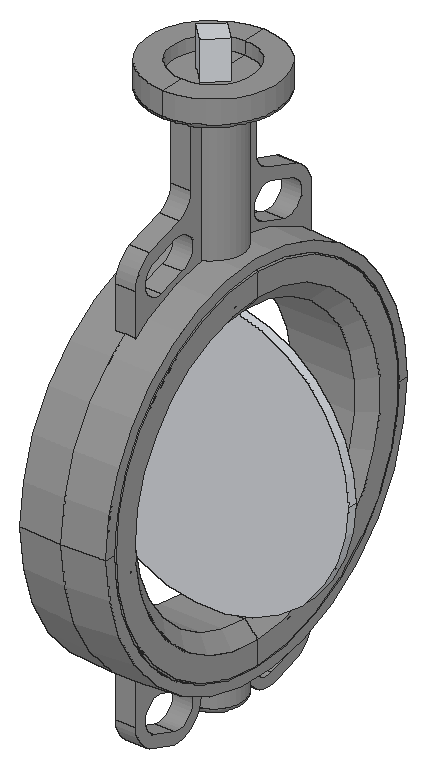
Revit family "HERZ Isolating Butterfly Valves ZF-4219", category Rohrzubehör, Revit 2021 (continued)
Automatic sketch dimensions
  Extrusion 8 sketch curve to Extrusion 8 sketch curve = 9.76 mm  (x2)
  Extrusion 8 sketch curve to Extrusion 8 sketch curve = 46.144 mm
  Extrusion 8 sketch curve to Extrusion 8 sketch curve = 0.006 mm
  Extrusion 8 sketch curve to Extrusion 8 sketch curve = 0.159 mm  (x2)
  Extrusion 8 sketch curve to Extrusion 8 sketch curve = 0.225 mm  (x2)
  Extrusion 8 sketch curve to Extrusion 8 sketch curve = 3.156 mm
  Extrusion 7 sketch curve to Extrusion 7 sketch curve = 0 mm  (x29)
  Extrusion 7 sketch curve to level = 0 mm
  Extrusion 7 sketch curve to plane 1 "Mitte (Vorne/hinten)" = 0 mm
  Extrusion 7 sketch curve to Extrusion 7 sketch curve = 4.987 mm  (x2)
  plane 1 "Mitte (Vorne/hinten)" to Extrusion 7 sketch curve = 42.642 mm
  Extrusion 7 sketch curve to Extrusion 7 sketch curve = 3.28 mm  (x2)
  Extrusion 7 sketch curve to Extrusion 7 sketch curve = 14.935 mm  (x2)
  Extrusion 7 sketch curve to Extrusion 7 sketch curve = 11.589 mm  (x2)
  Extrusion 7 sketch curve to Extrusion 7 sketch curve = 14.868 mm  (x2)
  Extrusion 7 sketch curve to Extrusion 7 sketch curve = 33.628 mm  (x4)
  Extrusion 7 sketch curve to Extrusion 7 sketch curve = 3.946 mm  (x4)
  Extrusion 7 sketch curve to Extrusion 7 sketch curve = 12.021 mm  (x8)
  Extrusion 7 sketch curve to Extrusion 7 sketch curve = 8.075 mm  (x8)
  plane 1 "Mitte (Vorne/hinten)" to Extrusion 7 sketch curve = 21.03 mm
  Extrusion 7 sketch curve to Extrusion 7 sketch curve = 5.5 mm
  Extrusion 7 sketch curve to Extrusion 7 sketch curve = 0.54 mm  (x2)
  Extrusion 7 sketch curve to Extrusion 7 sketch curve = 0.103 mm
  Extrusion 7 sketch curve to Extrusion 7 sketch curve = 1.99 mm  (x2)
  plane 1 "Mitte (Vorne/hinten)" to Extrusion 7 sketch curve = 18.5 mm
  Extrusion 7 sketch curve to plane 1 "Mitte (Vorne/hinten)" = 18.5 mm  (x2)
  Extrusion 7 sketch curve to Extrusion 7 sketch curve = 1.897 mm
  Extrusion 7 sketch curve to Extrusion 7 sketch curve = 2 mm
  Extrusion 7 sketch curve to Extrusion 7 sketch curve = 21.612 mm
  Extrusion 7 sketch curve to level = 59.454 mm  (x2)
  Extrusion 7 sketch curve to Extrusion 7 sketch curve = 10.049 mm  (x4)
  Extrusion 7 sketch curve to Extrusion 7 sketch curve = 20.666 mm  (x2)
  Extrusion 7 sketch curve to Extrusion 7 sketch curve = 1.725 mm  (x2)
  Extrusion 7 sketch curve to Extrusion 7 sketch curve = 12.438 mm  (x4)
  level to Extrusion 7 sketch curve = 59.454 mm  (x2)
  Extrusion 7 sketch curve to Extrusion 7 sketch curve = 15.768 mm  (x2)
  Extrusion 7 sketch curve to Extrusion 7 sketch curve = 0.361 mm  (x2)
  Extrusion 7 sketch curve to Extrusion 7 sketch curve = 69.242 mm
  Extrusion 7 sketch curve to Extrusion 7 sketch curve = 0.014 mm
  Extrusion 7 sketch curve to Extrusion 7 sketch curve = 0.29 mm  (x2)
  Extrusion 6 sketch curve to Extrusion 6 sketch curve = 0 mm  (x31)
  Extrusion 6 sketch curve to level = 0 mm
  Extrusion 6 sketch curve to plane 1 "Mitte (Vorne/hinten)" = 0 mm
  plane 1 "Mitte (Vorne/hinten)" to Extrusion 6 sketch curve = 18.5 mm  (x2)
  Extrusion 6 sketch curve to Extrusion 6 sketch curve = 1.897 mm  (x2)
  Extrusion 6 sketch curve to Extrusion 6 sketch curve = 2 mm
  Extrusion 6 sketch curve to Extrusion 6 sketch curve = 4.154 mm  (x2)
  Extrusion 6 sketch curve to Extrusion 6 sketch curve = 5.603 mm
  Extrusion 6 sketch curve to Extrusion 6 sketch curve = 12 mm  (x2)
  Extrusion 6 sketch curve to Extrusion 6 sketch curve = 21.682 mm  (x2)
  Extrusion 6 sketch curve to Extrusion 6 sketch curve = 2.182 mm  (x2)
  Extrusion 6 sketch curve to Extrusion 6 sketch curve = 11.109 mm  (x4)
  Extrusion 6 sketch curve to Extrusion 6 sketch curve = 30.529 mm  (x4)
  Extrusion 6 sketch curve to Extrusion 6 sketch curve = 4.781 mm  (x4)
  Extrusion 6 sketch curve to Extrusion 6 sketch curve = 1.414 mm  (x8)
  Extrusion 6 sketch curve to Extrusion 6 sketch curve = 7.24 mm  (x8)
  Extrusion 6 sketch curve to Extrusion 6 sketch curve = 12.021 mm  (x8)
  Extrusion 6 sketch curve to plane 1 "Mitte (Vorne/hinten)" = 18.5 mm
  Extrusion 6 sketch curve to Extrusion 6 sketch curve = 7.5 mm
  Extrusion 6 sketch curve to Extrusion 6 sketch curve = 0.103 mm
  Extrusion 6 sketch curve to level = 50.036 mm  (x2)
  Extrusion 6 sketch curve to Extrusion 6 sketch curve = 17.112 mm  (x2)
  Extrusion 6 sketch curve to Extrusion 6 sketch curve = 9.185 mm  (x4)
  Extrusion 6 sketch curve to Extrusion 6 sketch curve = 20.608 mm  (x2)
  Extrusion 6 sketch curve to Extrusion 6 sketch curve = 12.868 mm  (x3)
  Extrusion 6 sketch curve to Extrusion 6 sketch curve = 9.096 mm  (x2)
  level to Extrusion 6 sketch curve = 50.036 mm  (x2)
  Extrusion 6 sketch curve to Extrusion 6 sketch curve = 17 mm
  Extrusion 6 sketch curve to Extrusion 6 sketch curve = 56.845 mm
  Extrusion 6 sketch curve to Extrusion 6 sketch curve = 0.017 mm
  Extrusion 6 sketch curve to Extrusion 6 sketch curve = 0.29 mm  (x2)
  Extrusion 5 sketch curve to Extrusion 5 sketch curve = 0 mm  (x25)
  Extrusion 5 sketch curve to level = 0 mm
  Extrusion 5 sketch curve to plane 1 "Mitte (Vorne/hinten)" = 0 mm
  plane 1 "Mitte (Vorne/hinten)" to Extrusion 5 sketch curve = 18.5 mm  (x2)
  Extrusion 5 sketch curve to Extrusion 5 sketch curve = 0.579 mm  (x2)
  Extrusion 5 sketch curve to Extrusion 5 sketch curve = 1.897 mm  (x2)
  Extrusion 5 sketch curve to Extrusion 5 sketch curve = 0.103 mm
  Extrusion 5 sketch curve to Extrusion 5 sketch curve = 5.603 mm
  Extrusion 5 sketch curve to Extrusion 5 sketch curve = 15.942 mm  (x4)
  Extrusion 5 sketch curve to Extrusion 5 sketch curve = 13 mm  (x2)
  Extrusion 5 sketch curve to Extrusion 5 sketch curve = 11.367 mm  (x4)
  Extrusion 5 sketch curve to Extrusion 5 sketch curve = 25.663 mm  (x4)
  Extrusion 5 sketch curve to Extrusion 5 sketch curve = 4.027 mm  (x4)
  Extrusion 5 sketch curve to Extrusion 5 sketch curve = 12.021 mm  (x5)
  Extrusion 5 sketch curve to Extrusion 5 sketch curve = 9.55 mm  (x4)
  Extrusion 5 sketch curve to Extrusion 5 sketch curve = 7.5 mm
  Extrusion 5 sketch curve to plane 1 "Mitte (Vorne/hinten)" = 18.5 mm  (x2)
  Extrusion 5 sketch curve to Extrusion 5 sketch curve = 2 mm
  Extrusion 5 sketch curve to level = 38.887 mm  (x2)
  Extrusion 5 sketch curve to Extrusion 5 sketch curve = 10.986 mm  (x3)
  Extrusion 5 sketch curve to Extrusion 5 sketch curve = 10.231 mm  (x3)
  Extrusion 5 sketch curve to Extrusion 5 sketch curve = 10.467 mm  (x4)
  Extrusion 5 sketch curve to Extrusion 5 sketch curve = 12.18 mm  (x2)
  Extrusion 5 sketch curve to Extrusion 5 sketch curve = 12.641 mm  (x4)
  Extrusion 5 sketch curve to Extrusion 5 sketch curve = 9.983 mm  (x2)
  level to Extrusion 5 sketch curve = 38.887 mm  (x2)
  Extrusion 5 sketch curve to Extrusion 5 sketch curve = 21.217 mm
  Extrusion 5 sketch curve to Extrusion 5 sketch curve = 16.969 mm  (x2)
  Extrusion 5 sketch curve to Extrusion 5 sketch curve = 51.117 mm
  Extrusion 5 sketch curve to Extrusion 5 sketch curve = 0.01 mm
  Extrusion 5 sketch curve to Extrusion 5 sketch curve = 0.29 mm  (x2)
  level to Extrusion 5 sketch curve = 49.873 mm
  Extrusion 4 sketch curve to Extrusion 4 sketch curve = 0 mm  (x28)
  Extrusion 4 sketch curve to level = 0 mm
  Extrusion 4 sketch curve to plane 1 "Mitte (Vorne/hinten)" = 0 mm
  plane 1 "Mitte (Vorne/hinten)" to Extrusion 4 sketch curve = 18.5 mm  (x2)
  Extrusion 4 sketch curve to Extrusion 4 sketch curve = 1.897 mm  (x2)
  Extrusion 4 sketch curve to Extrusion 4 sketch curve = 0.103 mm  (x2)
  Extrusion 4 sketch curve to Extrusion 4 sketch curve = 5.603 mm  (x2)
  Extrusion 4 sketch curve to Extrusion 4 sketch curve = 12.115 mm  (x4)
  Extrusion 4 sketch curve to Extrusion 4 sketch curve = 9 mm  (x2)
  Extrusion 4 sketch curve to Extrusion 4 sketch curve = 11.39 mm  (x2)
  Extrusion 4 sketch curve to Extrusion 4 sketch curve = 7.005 mm  (x2)
  Extrusion 4 sketch curve to Extrusion 4 sketch curve = 22.772 mm  (x4)
  Extrusion 4 sketch curve to Extrusion 4 sketch curve = 4.597 mm  (x4)
  Extrusion 4 sketch curve to Extrusion 4 sketch curve = 1.485 mm  (x4)
  Extrusion 4 sketch curve to Extrusion 4 sketch curve = 12.021 mm  (x4)
  Extrusion 4 sketch curve to Extrusion 4 sketch curve = 9.247 mm  (x4)
  Extrusion 4 sketch curve to plane 1 "Mitte (Vorne/hinten)" = 18.5 mm  (x2)
  Extrusion 4 sketch curve to level = 31.935 mm  (x2)
  Extrusion 4 sketch curve to Extrusion 4 sketch curve = 1.34 mm  (x4)
  Extrusion 4 sketch curve to Extrusion 4 sketch curve = 10.245 mm  (x4)
  Extrusion 4 sketch curve to Extrusion 4 sketch curve = 9.866 mm  (x4)
  Extrusion 4 sketch curve to Extrusion 4 sketch curve = 9.447 mm  (x4)
  Extrusion 4 sketch curve to Extrusion 4 sketch curve = 11.077 mm  (x4)
  Extrusion 4 sketch curve to Extrusion 4 sketch curve = 11.926 mm  (x2)
  level to Extrusion 4 sketch curve = 31.935 mm  (x2)
  Extrusion 4 sketch curve to Extrusion 4 sketch curve = 12.62 mm  (x2)
  Extrusion 4 sketch curve to Extrusion 4 sketch curve = 12.99 mm  (x2)
  Extrusion 4 sketch curve to Extrusion 4 sketch curve = 41.354 mm
  Extrusion 4 sketch curve to Extrusion 4 sketch curve = 0.018 mm
  Extrusion 4 sketch curve to Extrusion 4 sketch curve = 0.29 mm  (x2)
  Extrusion 3 sketch curve to Extrusion 3 sketch curve = 0 mm  (x23)
  Extrusion 3 sketch curve to level = 0 mm
  Extrusion 3 sketch curve to plane 1 "Mitte (Vorne/hinten)" = 0 mm
  plane 1 "Mitte (Vorne/hinten)" to Extrusion 3 sketch curve = 18 mm
  Extrusion 3 sketch curve to Extrusion 3 sketch curve = 1.897 mm  (x2)
  Extrusion 3 sketch curve to Extrusion 3 sketch curve = 0.103 mm  (x2)
  plane 1 "Mitte (Vorne/hinten)" to Extrusion 3 sketch curve = 22.391 mm
  Extrusion 3 sketch curve to Extrusion 3 sketch curve = 1.414 mm  (x14)
  Extrusion 3 sketch curve to Extrusion 3 sketch curve = 6.103 mm  (x2)
  Extrusion 3 sketch curve to Extrusion 3 sketch curve = 2 mm  (x2)
  Extrusion 3 sketch curve to Extrusion 3 sketch curve = 7.709 mm  (x4)
  Extrusion 3 sketch curve to Extrusion 3 sketch curve = 13.318 mm  (x5)
  Extrusion 3 sketch curve to Extrusion 3 sketch curve = 15.842 mm  (x5)
  Extrusion 3 sketch curve to Extrusion 3 sketch curve = 10.233 mm
  Extrusion 3 sketch curve to Extrusion 3 sketch curve = 3.184 mm  (x7)
  Extrusion 3 sketch curve to Extrusion 3 sketch curve = 6.315 mm  (x8)
  Extrusion 3 sketch curve to Extrusion 3 sketch curve = 3.021 mm  (x4)
  Extrusion 3 sketch curve to Extrusion 3 sketch curve = 5.303 mm  (x8)
  Extrusion 3 sketch curve to level = 23.805 mm  (x2)
  Extrusion 3 sketch curve to Extrusion 3 sketch curve = 3.106 mm  (x6)
  level to Extrusion 3 sketch curve = 23.805 mm  (x2)
  Extrusion 3 sketch curve to Extrusion 3 sketch curve = 6.654 mm  (x4)
  Extrusion 3 sketch curve to Extrusion 3 sketch curve = 9.77 mm  (x4)
  Extrusion 3 sketch curve to plane 1 "Mitte (Vorne/hinten)" = 18 mm
  Extrusion 3 sketch curve to plane 1 "Mitte (Vorne/hinten)" = 22.391 mm
  Extrusion 3 sketch curve to Extrusion 3 sketch curve = 5.708 mm  (x2)
  Extrusion 3 sketch curve to Extrusion 3 sketch curve = 3.131 mm
  level to Extrusion 3 sketch curve = 42.831 mm
  Extrusion 3 sketch curve to Extrusion 3 sketch curve = 4.045 mm
  Extrusion 3 sketch curve to Extrusion 3 sketch curve = 12.379 mm
  Extrusion 3 sketch curve to Extrusion 3 sketch curve = 68.43 mm
  Extrusion 3 sketch curve to Extrusion 3 sketch curve = 0.003 mm
  Extrusion 3 sketch curve to Extrusion 3 sketch curve = 0.316 mm  (x2)
  curve 12 to level = 0 mm
  curve 12 to plane 3 "Mitte (Links/rechts)" = 0 mm
  plane 1 "Mitte (Vorne/hinten)" to curve 6 = 0 mm
  curve 6 to plane 3 "Mitte (Links/rechts)" = 0 mm
  Revolve 1 sketch curve to plane 1 "Mitte (Vorne/hinten)" = 0 mm
  Revolve 1 sketch curve to Revolve 1 sketch curve = 0.987 mm
  Revolve 1 sketch curve to Revolve 1 sketch curve = 1.5 mm  (x3)
  Revolve 1 sketch curve to Revolve 1 sketch curve = 0.513 mm  (x2)
  Revolve 1 sketch curve to Revolve 1 sketch curve = 0.915 mm  (x2)
  Revolve 1 sketch curve to Revolve 1 sketch curve = 1978.5 mm  (x2)
  Revolve 11 sketch curve to plane 1 "Mitte (Vorne/hinten)" = 0 mm  (x2)
  Revolve 11 sketch curve to Revolve 11 sketch curve = 3 mm
  Revolve 11 sketch curve to Revolve 11 sketch curve = 459.992 mm
  level to Revolve 11 sketch curve = 2741.474 mm
  Revolve 12 sketch curve to plane 1 "Mitte (Vorne/hinten)" = 0 mm  (x3)
  Revolve 12 sketch curve to Revolve 12 sketch curve = 1.895 mm
  Revolve 12 sketch curve to Revolve 12 sketch curve = 2 mm  (x2)
  Revolve 12 sketch curve to Revolve 12 sketch curve = 0.105 mm
  Revolve 12 sketch curve to level = 520.992 mm
  Revolve 12 sketch curve to Revolve 12 sketch curve = 2616.474 mm
  Revolve 13 sketch curve to level = 0 mm
  Revolve 13 sketch curve to Revolve 13 sketch curve = 1.492 mm
  Revolve 13 sketch curve to Revolve 13 sketch curve = 0.18 mm  (x2)
  Revolve 13 sketch curve to Revolve 13 sketch curve = 5.027 mm
  Revolve 13 sketch curve to Revolve 13 sketch curve = 1 mm
  Revolve 13 sketch curve to Revolve 13 sketch curve = 0.999 mm  (x2)
  Revolve 13 sketch curve to Revolve 13 sketch curve = 0.27 mm
  Revolve 13 sketch curve to Revolve 13 sketch curve = 0.957 mm
  Revolve 13 sketch curve to Revolve 13 sketch curve = 1328.99 mm
  Revolve 13 sketch curve to Revolve 13 sketch curve = 1875.983 mm
  Extrusion 14 sketch curve to level = 0 mm
  Extrusion 14 sketch curve to plane 3 "Mitte (Links/rechts)" = 0 mm
  radius of Extrusion 10 sketch curve = 12 mm  (x4)
  radius of Extrusion 9 sketch curve = 9.5 mm  (x4)
  radius of Extrusion 9 sketch curve = 14 mm  (x4)
  radius of Extrusion 7 sketch curve = 11.5 mm  (x4)
  radius of Extrusion 7 sketch curve = 9.5 mm  (x4)
  radius of Extrusion 6 sketch curve = 9.5 mm  (x8)
  radius of Extrusion 5 sketch curve = 9.5 mm  (x8)
  radius of Extrusion 4 sketch curve = 9.5 mm  (x8)
  radius of curve 12 = 7 mm
  radius of curve 6 = 5 mm
Nested families
  nested 1: "Herz-Logo-vorne" at (-20, 0, 145.5), type "Herz-Logo-vorne"
Connectors
  piping at (30.75, 0, 0), diameter 200, driven by "Nennweite"
    settings: on Revolve 13, index 1, connector inside diameter 609.6 mm, connector length 0 mm, flow factor 0, pipe flow 0.0 L/s, pressure drop 0.0 Pa, fitting loss kfactor 0, connector angle 0.00°, fixture units 0, engagement length 0 mm, angle of deflection 0.00°, flow configuration 0, flow direction 0, fitting loss method 0, system type 29, joint type 0, gender type 0, connector reference index -1, connector utility 0, adjustable connector no, is connector primary yes, connector description ""
  piping at (-30.75, 0, 0), diameter 200, driven by "Nennweite"
    settings: on Revolve 13, index 2, connector inside diameter 609.6 mm, connector length 0 mm, flow factor 0, pipe flow 0.0 L/s, pressure drop 0.0 Pa, fitting loss kfactor 0, connector angle 0.00°, fixture units 0, engagement length 0 mm, angle of deflection 0.00°, flow configuration 0, flow direction 0, fitting loss method 0, system type 29, joint type 0, gender type 0, connector reference index -1, connector utility 0, adjustable connector no, is connector primary no, connector description ""
Definition of nested family "Herz-Logo-vorne"
  Parameters (values of type "Herz-Logo-vorne")
    Default Elevation = 0 mm
  Reference planes
    plane 1 "Mitte (Vorne/hinten)": y = 0
    plane 2: z = 0
    plane 3 "Mitte (Links/rechts)": x = 0
  Forms (mm)
    Extrusion 1, solid
      sketch origin (0.732, -0.018, 0.017) x (0, -1, 0) y (0, 0, 1)
        loop
          line (-0.018, -4.517) -> (4.482, -4.517) -> (4.482, 4.483) -> (-4.518, 4.483) -> (-4.518, -4.517) -> (-0.018, -4.517)
        loop
          line (-0.05, -3.48) -> (3.482, -3.48) -> (3.482, 3.483) -> (-3.518, 3.483) -> (-3.518, -3.48) -> (-0.05, -3.48)
        loop
          arc (-0.018, 2.383) -> (-1.543, 3.287) -> (-3.067, 2.383) r 1.738
          arc (-3.067, 2.383) -> (-3.191, 1.899) -> (-3.067, 1.415) r 1.009
          line (-3.067, 1.415) -> (-0.018, -3.281) -> (3.032, 1.415)
          arc (3.032, 1.415) -> (3.156, 1.899) -> (3.032, 2.383) r 1.009
          arc (3.032, 2.383) -> (1.507, 3.287) -> (-0.018, 2.383) r 1.738
        loop
          arc (1.885, 1.272) -> (2.005, 1.675) -> (1.885, 2.079) r 0.74
          arc (1.885, 2.079) -> (1.265, 2.416) -> (0.644, 2.079) r 0.74
          line (0.644, 2.079) -> (-0.018, 0.97) -> (-0.679, 2.079)
          arc (-0.679, 2.079) -> (-1.3, 2.416) -> (-1.921, 2.079) r 0.74
          arc (-1.921, 2.079) -> (-2.04, 1.675) -> (-1.921, 1.272) r 0.74
          line (-1.921, 1.272) -> (-0.018, -1.658) -> (1.885, 1.272)
      from 0 to 1.5
  Dimensions and locks
    aligned and locked: level to plane 2
